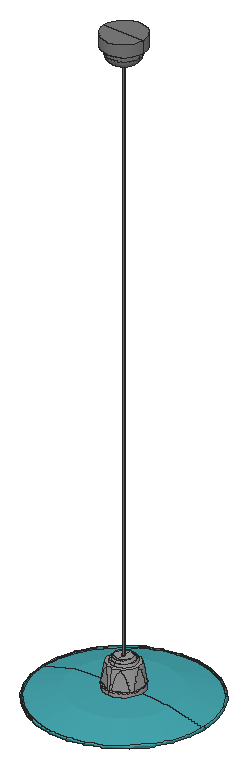
Revit family "Euro Barn Slim EU9  (14,16,18,20,22) LED", category Lighting Fixtures, Revit 2020 (continued)
Definition of nested family "EU920-1"
  Definition of nested family "EU920"
    Forms (in)
      Revolve 1, solid, material <- "HUB", visible <- "EU920"
        sketch origin (0, 11.70542, -5.60404) x (0, 1, 0) y (0, 0, 1)
          loop
            line (-12.88646, 10.69614) -> (-13.01461, 10.34404) -> (-13.21461, 10.34404) -> (-13.31652, 10.06404) -> (-13.6924, 9.92723) -> (-14.13025, 7.44404) -> (-14.16127, 7.44404)
            arc (-14.16127, 7.44404) -> (-14.1928, 7.42739) -> (-14.20542, 7.39404) r 0.05039
            line (-14.20542, 7.39404) -> (-14.20542, 6.89404) -> (-11.95542, 6.89404) -> (-11.95542, 10.72904) -> (-12.83947, 10.72904)
          axis (-11.70542, 10.72904) -> (-11.70542, 6.89404)
        angle from 0 to 360
      Extrusion 2, void
        sketch origin (11.70542, 0, -5.60404) x (1, 0, 0) y (0, 0, 1)
          loop
            line (-9.24957, 7.44404) -> (-9.24957, 10.19404) -> (-9.7364, 10.19404) -> (-9.4864, 7.44404) -> (-9.24957, 7.44404)
        from -1.03027 to 1.03705
      Extrusion 3, void
        sketch origin (-11.70542, 0.0024, -5.60404) x (-1, 0.000784, 0) y (0, 0, 1)
          loop
            line (-9.24957, 7.44404) -> (-9.24957, 10.19404) -> (-9.7364, 10.19404) -> (-9.4864, 7.44404) -> (-9.24957, 7.44404)
        from -1.03027 to 1.03705
      Extrusion 4, void
        sketch origin (5.85368, 10.13421, -5.60404) x (0.500262, 0.865874, 0) y (0, 0, 1)
          loop
            line (-9.24957, 7.44404) -> (-9.24957, 10.19404) -> (-9.7364, 10.19404) -> (-9.4864, 7.44404) -> (-9.24957, 7.44404)
        from -1.03027 to 1.03705
      Extrusion 5, void
        sketch origin (-5.85996, -10.13543, -5.60404) x (-0.500941, -0.865481, 0) y (0, 0, 1)
          loop
            line (-9.24957, 7.44404) -> (-9.24957, 10.19404) -> (-9.7364, 10.19404) -> (-9.4864, 7.44404) -> (-9.24957, 7.44404)
        from -1.03027 to 1.03705
      Extrusion 6, void
        sketch origin (-5.84989, 10.13882, -5.60404) x (-0.49958, 0.866268, 0) y (0, 0, 1)
          loop
            line (-9.24957, 7.44404) -> (-9.24957, 10.19404) -> (-9.7364, 10.19404) -> (-9.4864, 7.44404) -> (-9.24957, 7.44404)
        from -1.03027 to 1.03705
      Extrusion 7, void
        sketch origin (5.84361, -10.14244, -5.60404) x (0.4989, -0.866659, 0) y (0, 0, 1)
          loop
            line (-9.24957, 7.44404) -> (-9.24957, 10.19404) -> (-9.7364, 10.19404) -> (-9.4864, 7.44404) -> (-9.24957, 7.44404)
        from -1.03027 to 1.03705
      Revolve 8, solid, material <- "Body", visible <- "EU920"
        sketch origin (0, 0, 0) x (1, 0, 0) y (0, 0, 1)
          loop
            line (-1.94872, 1.96091) -> (-1.99872, 1.96091) -> (-2.24966, 1.70997) -> (-2.24966, 1.29) -> (-3.69838, 1.29)
            arc (-3.69838, 1.29) -> (-6.82321, 0.90286) -> (-9.86647, 0.0948) r 23.1237
            arc (-9.86647, 0.0948) -> (-9.90601, 0.12583) -> (-9.86167, 0.14949) r 0.03
            arc (-9.86167, 0.14949) -> (-9.79237, 0.16488) -> (-9.8165, 0.23164) r 0.04726
            arc (-9.8165, 0.23164) -> (-9.9994, 0.13402) -> (-9.8363, 0.00604) r 0.12375
            arc (-9.8363, 0.00604) -> (-6.80664, 0.81058) -> (-3.69579, 1.19625) r 23.02995
            line (-3.69579, 1.19625) -> (-2.15591, 1.19625) -> (-2.15591, 1.67114) -> (-1.93243, 1.89462)
            arc (-1.93243, 1.89462) -> (-1.91459, 1.93415) -> (-1.94872, 1.96091) r 0.03515
          axis (0, 0.00604) -> (0, 1.96091)
        angle from 0 to 360
    Cuts and joins
      Extrusion 2, Extrusion 3, Extrusion 4, Extrusion 5, Extrusion 6, Extrusion 7 cuts Revolve 1
    Dimensions and locks (in)
      aligned and locked: plane 2 to level
      aligned and locked: plane 6 to Revolve 1 sketch curve
Types (6): name | Weight | URL | Model | Fixture Height | Fixture Diameter | EU922 | EU920 | EU918 | EU916 | EU914
  (no name) | "5.7 lbs" | "https://www.anplighting.com/assets/Uploads/product-attachments/specification-sheets/ANP-Specification-Sheet-INC-EU922.pdf" | "EU922" | 0' - 5 1/4" | 1' - 10" | yes | no | no | no | no
  EU914 | "3.2 lbs" | "https://www.anplighting.com/assets/Uploads/product-attachments/specification-sheets/ANP-Specification-Sheet-INC-EU914.pdf" | "EU914" | 0' - 4 3/4" | 1' - 2" | no | no | no | no | yes
  EU916 | "3.7 lbs" | "https://www.anplighting.com/assets/Uploads/product-attachments/specification-sheets/ANP-Specification-Sheet-INC-EU916..pdf" | "EU916" | 0' - 4 7/8" | 1' - 4" | no | no | no | yes | no
  EU918 | "4.7 lbs" | "https://www.anplighting.com/assets/Uploads/product-attachments/specification-sheets/ANP-Specification-Sheet-INC-EU918.pdf" | "EU918" | 0' - 5" | 1' - 6" | no | no | yes | no | no
  EU920 | "5.2 lbs" | "https://www.anplighting.com/assets/Uploads/product-attachments/specification-sheets/ANP-Specification-Sheet-INC-EU920.pdf" | "EU920" | 0' - 5 1/8" | 1' - 8" | no | yes | no | no | no
  EU922 | "5.7 lbs" | "https://www.anplighting.com/assets/Uploads/product-attachments/specification-sheets/ANP-Specification-Sheet-INC-EU922.pdf" | "EU922" | 0' - 5 1/4" | 1' - 10" | yes | no | no | no | no
